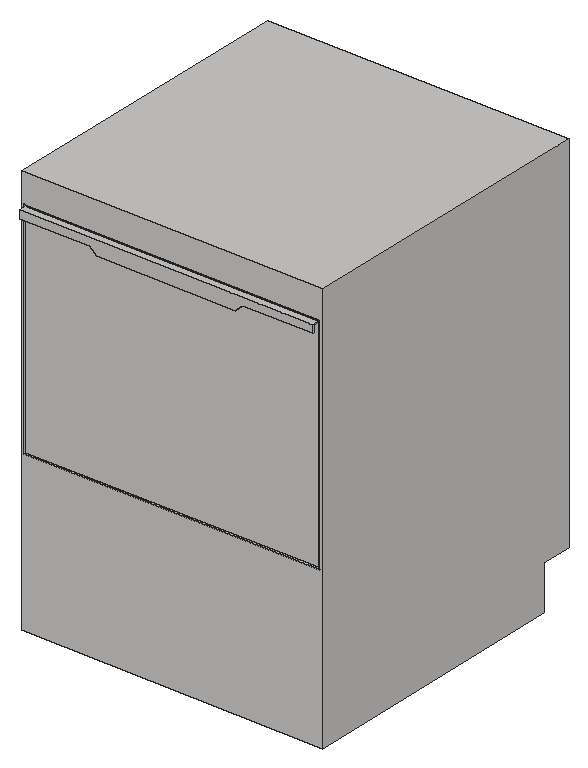
Revit family "QF_ELECTROLUXPROFESSIONAL_400259_ELA3GTL", category Specialty Equipment, Revit 2018
Family settings
  Round Connector Dimension = Use Diameter
  Part Type = Normal
  Work Plane-Based = No
  Always vertical = Yes
  Cut with Voids When Loaded = No
  Shared = No
  Room Calculation Point = No
Parameters
  Weight = 60.00 kg
  Watts = 0 W
  Volts = 0 V
  URL Manufacturer = ""
  URL = "http://professional.electrolux.com/"
  Steam Supply Size = 0 mm
  Steam Supply Minimum Pressure = 0.0 Pa
  Steam Supply Maximum Pressure = 0.0 Pa
  Steam Pounds per Hour = 0
  Show Logo [instance] = yes
  Show Clearance [instance] = yes
  Refrigeration Suction Line Size = 0 mm
  Refrigeration Liquid Line Size = 0 mm
  Refrigerant Compressor Remote = yes
  Manufacturer = ""
  Phase = 0
  Model = ""
  Length Actual = 600 mm  # constant formula
  Item Number = ""
  Hot Water Size = 0 mm
  Height Actual = 820 mm  # constant formula
  HP = "7.2 HP"
  Gas Size = 0 mm
  Gas KW = 0
  Gas Input Pressure = 0 W
  Direct Waste Size = 40 mm
  Description = ""
  Depth Actual = 648 mm  # constant formula
  Cycle = 0 Hz
  Condensate Return Size = 0 mm
  Compressed Air Volume = 0.0 L/s
  Compressed Air Size = 0 mm
  Compressed Air Pressure = 0.0 Pa
  Cold Water Size = 0 mm
  Accessory = yes
Types (2, lengths in mm): name | Volts | URL Manufacturer | URL | Manufacturer | Phase | Model | Item Number | Hot Water Size | Description | Cycle
  (no name) | 0 V | "" | "http://professional.electrolux.com/" | "" | 0 | "" | "" | 0 | "" | 0 Hz
  Standard | 400 V | "http://professional.electrolux.com" | "http://professional.electrolux.com" | "Electrolux Professional" | 3 | "ELA3GTL" | "400259" | 19.05 | "UNDERCOUNTER(L), WASH-SAFE, 3PH, DP, DD, 720D/H - THERMAL LABEL" | 50 Hz
Reference planes
  plane 1 "Center (Front/Back)": y = 0
  plane 2: z = 0
  plane 3 "Center (Left/Right)": x = 0
  plane 4 "LEFT": x = -300
  plane 5 "RIGHT": x = 300
  plane 6 "FRONT": y = -306
  plane 7 "BACK": y = 306
  plane 8: x = -202.5
  plane 9: x = 202.5
  plane 10: z = 830
  plane 11: z = 10
Forms (mm)
  Extrusion 1, solid, material "QF_Finishes_Stainless Steel"
    sketch origin (0, 0, 0) x (1, 0, 0) y (0, 1, 0)
      loop
        line (-300, -306) -> (300, -306) -> (300, 245) -> (-300, 245) -> (-300, -306)
    from 10 to 830
  Extrusion 2, solid, material "QF_Finishes_Stainless Steel"
    sketch origin (0, 0, 0) x (1, 0, 0) y (0, 1, 0)
      loop
        line (-300, 245) -> (300, 245) -> (300, 306) -> (-300, 306) -> (-300, 245)
    from 100 to 830
  Extrusion 3, solid, material "QF_Finishes_Stainless Steel"
    sketch origin (0, 17.5, 0) x (1, 0, 0) y (0, 1, 0)
      loop
        circle (-254, 167.5) r 12.5
      loop
        circle (254, 167.5) r 12.5
      loop
        circle (-254, -263.5) r 12.5
      loop
        circle (254, -263.5) r 12.5
    from 0 to 10
  Extrusion 4, void
    sketch origin (-300, -306, 0) x (-1, 0, 0) y (0, 0, 1)
      loop
        line (-5, 773.217) -> (-595, 773.217) -> (-595, 327.335) -> (-5, 327.335) -> (-5, 773.217)
    from 0 to 30
  Extrusion 5, solid, material "QF_Finishes_Stainless Steel"
    sketch origin (-259, -389, 768) x (0, 0, -1) y (1, 0, 0)
      loop
        circle (693, 143) r 10
    from -634 to -695
  Extrusion 6, solid, material "QF_Door-Drawer Clearances", visible <- "Show Clearance", detail levels coarse
    sketch origin (-230, -282.5, 0) x (0, 1, 0) y (0, 0, -1)
      loop
        line (-23.5, -330.419) -> (-391.5, -330.419)
        arc (-391.5, -330.419) -> (-290.693, -619.855) -> (-23.5, -770) r 432.894
        line (-23.5, -770) -> (-23.5, -330.419)
    from 61.197 to -521.306
  Extrusion 7, solid, material "QF_Finishes_Stainless Steel"
    sketch origin (-315.481, -389, 738) x (0, 0, -1) y (1, 0, 0)
      loop
        circle (663, 252.481) r 8
    from -634 to -695
  Extrusion 8, solid, material "QF_Finishes_Stainless Steel"
    sketch origin (-230, -282.5, 0) x (0, 1, 0) y (0, 0, -1)
      loop
        line (-23.5, -330.419) -> (-23.5, -770) -> (1.5, -770) -> (1.5, -330.419) -> (-23.5, -330.419)
    from 61.197 to -521.306
  Extrusion 9, solid, material "QF_Finishes_Stainless Steel"
    sketch origin (-230, -297.5, 0) x (0, 1, 0) y (0, 0, -1)
      loop
        line (-8.5, -770) -> (-8.5, -767.514) -> (-21, -767.514) -> (-21, -741.25) -> (-23.5, -741.25) -> (-23.5, -770) -> (-8.5, -770)
    from 61.197 to -521.306
  Extrusion 10, void
    sketch origin (-230, -321, 770) x (0, 0, 1) y (1, 0, 0)
      loop
        line (-15.552, -61.197) -> (-15.552, 77.909) -> (-28.75, 91.107) -> (-28.75, -61.197) -> (-15.552, -61.197)
      loop
        line (-15.552, 521.197) -> (-28.75, 521.197) -> (-28.75, 368.893) -> (-15.552, 382.091) -> (-15.552, 521.197)
    from 0 to 2.5
  Extrusion 11, solid, material "QF_Finishes_Stainless Steel"
    sketch origin (-295.988, 885.897, 763.79) x (0, -1, 0) y (1, 0, 0)
      loop
        circle (611.5, 158) r 8
    from -663.79 to -673.79
Cuts and joins
  Extrusion 4 cuts Extrusion 1
  joined: Extrusion 1, Extrusion 2
  Extrusion 10 cuts Extrusion 8
  Extrusion 10 cuts Extrusion 9
Lines and regions (mm)
  Split face 1
    outline origin (-300, -306, 830) x (0, 0, -1) y (1, 0, 0)
      loop
        line (21.579, 283.75) -> (39.683, 283.75) -> (39.683, 316.25) -> (21.579, 316.25) -> (21.579, 283.75)
  Split face 2
    outline origin (-300, -306, 830) x (0, 0, -1) y (1, 0, 0)
      loop
        line (56.783, 595) -> (56.783, 600)
      loop
        arc (56.783, 412.5) -> (28.391, 440.891) -> (0, 412.5) r 28.391
  symbolic lines
    curve 1: line (-300, 306, 0) -> (300, 306, 0)
    curve 2: line (-300, -306, 0) -> (-300, 306, 0)
    curve 3: line (300, -306, 0) -> (-300, -306, 0)
    curve 4: line (300, 306, 0) -> (300, -306, 0)
    curve 9: line (-291.197, -306, 0) -> (-291.197, -321, 0)
    curve 10: line (291.306, -321, 0) -> (291.306, -306, 0)
    curve 11: line (-291.197, -321, 0) -> (291.306, -321, 0)
  symbolic lines, style "QF_Door-Drawer Clearances"
    curve 5: line (-291.197, -674, 0) -> (291.306, -674, 0)
    curve 6: line (291.306, -674, 0) -> (291.306, -306, 0)
    curve 7: line (-291.197, -674, 0) -> (-291.197, -306, 0)
  symbolic lines, style "SpecialityEquipmentHiddenLines"
    curve 8: line (-300, 245, 0) -> (300, 245, 0)
Dimensions and locks
  equal spacing: plane 4 "LEFT", plane 3 "Center (Left/Right)", plane 5 "RIGHT"
  equal spacing: plane 7 "BACK", plane 1 "Center (Front/Back)", plane 6 "FRONT"
  plane 7 "BACK" to plane 6 "FRONT" = 612 mm
  plane 4 "LEFT" to plane 5 "RIGHT" = 600 mm
  plane 4 "LEFT" to plane 8 = 97.5 mm
  plane 9 to plane 5 "RIGHT" = 97.5 mm
  plane 11 to level = 10 mm
  plane 4 "LEFT" to plane 3 "Center (Left/Right)" = 300 mm
  plane 10 to level = 830 mm  (x2)
  plane 8 to plane 9 = 405 mm
  Extrusion 11 sketch curve to plane 4 "LEFT" = 162.012 mm
  level to Extrusion 5 sketch curve = 75 mm
  Extrusion 5 sketch curve to plane 4 "LEFT" = 184 mm
  Extrusion 7 sketch curve to plane 4 "LEFT" = 237 mm
  level to Extrusion 7 sketch curve = 75 mm
  Extrusion 3 to cut or joined group of Extrusion 1, Extrusion 2, Extrusion 4 = 121 mm
  Extrusion 3 to Extrusion 3 = 431 mm
  plane 6 "FRONT" to Extrusion 3 = 60 mm
  plane 9 to plane 8 = 405 mm
  plane 7 "BACK" to curve 5 = 980 mm
  cut or joined group of Extrusion 1, Extrusion 2, Extrusion 4 to level = 327.335 mm
  aligned and locked: level to plane 2
  aligned and locked: Extrusion 1 sketch curve to plane 6 "FRONT"
  aligned and locked: Extrusion 1 sketch curve to plane 4 "LEFT"
  aligned and locked: plane 5 "RIGHT" to Extrusion 1 sketch curve
  aligned and locked: Extrusion 1 to plane 11
  aligned and locked: Extrusion 2 sketch curve to Extrusion 1
  aligned and locked: plane 5 "RIGHT" to Extrusion 2 sketch curve
  aligned and locked: plane 11 to Extrusion 3
  aligned and locked: cut or joined group of Extrusion 9, Extrusion 10 to Extrusion 10
Automatic sketch dimensions
  Extrusion 1 sketch curve to plane 7 "BACK" = 61 mm
  Extrusion 3 sketch curve to plane 8 = 51.5 mm  (x2)
  plane 9 to Extrusion 3 sketch curve = 51.5 mm  (x2)
  plane 6 "FRONT" to Extrusion 3 sketch curve = 60 mm  (x2)
  Extrusion 3 sketch curve to plane 7 "BACK" = 121 mm  (x2)
  Extrusion 4 sketch curve to Extrusion 1 = 5 mm  (x2)
  Extrusion 4 sketch curve to Extrusion 1 = 317.335 mm
  Extrusion 4 sketch curve to Extrusion 1 = 56.783 mm
  plane 6 "FRONT" to Extrusion 8 sketch curve = 0 mm
  Extrusion 8 sketch curve to Extrusion 8 sketch curve = 25 mm
  Extrusion 9 sketch curve to plane 6 "FRONT" = 15 mm
  Extrusion 9 sketch curve to Extrusion 9 sketch curve = 2.5 mm
  Extrusion 9 sketch curve to Extrusion 9 sketch curve = 12.5 mm
  Extrusion 9 sketch curve to plane 10 = 60 mm
  Extrusion 9 sketch curve to Extrusion 9 sketch curve = 2.486 mm
  Extrusion 9 sketch curve to Extrusion 9 sketch curve = 26.264 mm
  Extrusion 2 sketch curve to Extrusion 2 sketch curve = 61 mm
  Split face 1 sketch curve to cut or joined group of Extrusion 1, Extrusion 2, Extrusion 4 = 21.579 mm
  Split face 1 sketch curve to Split face 1 sketch curve = 18.104 mm
  Split face 1 sketch curve to cut or joined group of Extrusion 1, Extrusion 2, Extrusion 4 = 278.75 mm
  Split face 1 sketch curve to Split face 1 sketch curve = 32.5 mm
  plane 11 to Extrusion 8 sketch curve = 320.419 mm
  Extrusion 8 sketch curve to plane 10 = 60 mm
  Extrusion 10 sketch curve to Extrusion 9 = 0 mm  (x2)
  Extrusion 9 to Extrusion 10 sketch curve = 0 mm
  Extrusion 10 sketch curve to Extrusion 9 = 13.198 mm  (x2)
  Extrusion 10 sketch curve to Extrusion 9 = 139.107 mm
  Extrusion 10 sketch curve to Extrusion 10 sketch curve = 13.198 mm  (x2)
  Extrusion 10 sketch curve to Extrusion 9 = 152.413 mm
  Extrusion 10 sketch curve to Extrusion 9 = 0.109 mm
  curve 3 to plane 4 "LEFT" = 0 mm
  curve 7 to plane 6 "FRONT" = 0 mm
  curve 4 to plane 5 "RIGHT" = 0 mm
  curve 2 to plane 7 "BACK" = 0 mm
  plane 4 "LEFT" to curve 5 = 8.803 mm
  curve 5 to plane 5 "RIGHT" = 8.694 mm
  plane 4 "LEFT" to curve 11 = 8.803 mm
  curve 10 to plane 5 "RIGHT" = 8.694 mm
  curve 11 to plane 6 "FRONT" = 15 mm
  curve 8 to plane 7 "BACK" = 61 mm
  Extrusion 2 sketch curve to plane 7 "BACK" = 0 mm
  Split face 2 sketch curve to cut or joined group of Extrusion 1, Extrusion 2, Extrusion 4 = 0 mm  (x5)
  Split face 2 sketch curve to cut or joined group of Extrusion 1, Extrusion 2, Extrusion 4 = 182.5 mm
  Extrusion 11 sketch curve to plane 7 "BACK" = 31.603 mm
  Extrusion 6 sketch curve to plane 6 "FRONT" = 0 mm
  plane 6 "FRONT" to Extrusion 6 sketch curve = 64.74 mm
  plane 11 to Extrusion 6 sketch curve = 331.974 mm
  Extrusion 6 sketch curve to Extrusion 6 sketch curve = 11.555 mm
  Extrusion 6 sketch curve to plane 6 "FRONT" = 368 mm
  radius of Extrusion 5 sketch curve = 10 mm
  radius of Extrusion 7 sketch curve = 8 mm
  radius of Extrusion 3 sketch curve = 12.5 mm  (x4)
  radius of Extrusion 11 sketch curve = 8 mm
Connectors
  piping at (-116, 306, 75), diameter 20
    settings: on Extrusion 5, index 1, connector inside diameter 609.6 mm, connector length 0 mm, flow factor 0, pipe flow 0.0 L/s, pressure drop 0.0 Pa, fitting loss kfactor 0, connector angle 0.00°, fixture units 0, engagement length 0 mm, angle of deflection 0.00°, flow configuration 1, flow direction 1, fitting loss method 0, system type 16, joint type 0, gender type 0, connector reference index -1, connector utility 0, adjustable connector no, is connector primary yes, connector description "Drain"
  piping at (-63, 306, 75), diameter 16
    settings: on Extrusion 7, index 3, connector inside diameter 609.6 mm, connector length 0 mm, flow factor 0, pipe flow 0.0 L/s, pressure drop 0.0 Pa, fitting loss kfactor 0, connector angle 0.00°, fixture units 0, engagement length 0 mm, angle of deflection 0.00°, flow configuration 1, flow direction 1, fitting loss method 0, system type 20, joint type 0, gender type 0, connector reference index -1, connector utility 0, adjustable connector no, is connector primary no, connector description "Cold Water Inlet"
  electrical at (-137.988, 274.397, 90), driven by "Volts"
    settings: on Extrusion 11, index 4, voltage 0 V, apparent load 0 VA, apparent load phase1 0 VA, apparent load phase2 0 VA, apparent load phase3 0 VA, power factor 1, load classification "Altro", number of poles 1, system type 31, power factor state 1, is connector primary yes, connector utility no, sub classification motor no, connector description "Electrical Connection"
